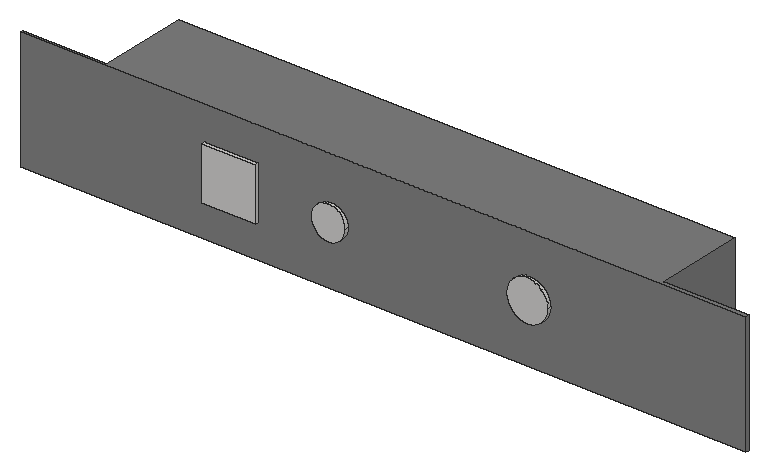
Revit family "CBR_4900", category Generic Models, Revit 2021
Family settings
  Can host rebar = No
  Round Connector Dimension = Use Diameter
  Part Type = Normal
  Work Plane-Based = No
  Always vertical = Yes
  Cut with Voids When Loaded = No
  Shared = No
  Room Calculation Point = No
Parameters
  e-mail = "info@vola.com"
  URL = "http://vola.com"
  Telephone = "+45 7023 5500"
  Quality management standard = "ISO 9001"
  Organisation no. / DUNS no. = "17531328"
  Occupational health and safety management standard = "ISO 18001"
  Mounting Instructions = ""
  Model = "4900"
  Materials and components information = ""
  Manufacturer = "VOLA A/S"
  Maintenance Instructions = ""
  Guarantee = "2 years"
  Flow = "43,00 l/min"
  Environmental management standard = "ISO 14000"
  Default Elevation = 0.00 mm
  Connection - All relevant connections = ""
  Approvals = ""
Reference planes
  plane 1 "Center (Front/Back)": y = 0
  plane 2: z = 0
  plane 3 "Center (Left/Right)": x = 0
  plane 4 "Inlet Center Plane": y = -29
  plane 5: z = 65
Forms (mm)
  Extrusion 1, solid, material "Default"
    sketch origin (10, 0, -4) x (1, 0, 0) y (0, 1, 0)
      loop
        line (-148, 0) -> (-148, -70) -> (288, -70) -> (288, 0) -> (-148, 0)
    from 21.5 to 116.5
  Extrusion 2, solid, material "Default"
    sketch origin (10, -2, -4) x (1, 0, 0) y (0, 1, 0)
      loop
        line (-214.5, -68) -> (-214.5, -70) -> (354.5, -70) -> (354.5, -68) -> (-214.5, -68)
    from 21.5 to 116.5
  Extrusion 3, solid, material "Stainless Steel"
    sketch origin (-54, -4, 17.5) x (0, 1, 0) y (1, 0, 0)
      loop
        circle (-25, -12) r 9.5
    from 0 to 17.5
  Extrusion 4, solid, material "Stainless Steel"
    sketch origin (0, -4, 17.5) x (0, 1, 0) y (1, 0, 0)
      loop
        circle (-25, -12) r 9.5
    from 0 to 17.5
  Extrusion 5, solid, material "Stainless Steel"
    sketch origin (-51.5, -72, -4) x (-1, 0, 0) y (0, 0, -1)
      loop
        line (8.5, -90) -> (8.5, -48) -> (-33.5, -48) -> (-33.5, -90) -> (8.5, -90)
    from 0 to 2.5
  Extrusion 6, solid, material "Stainless Steel"
    sketch origin (26.5, -72, -4) x (-1, 0, 0) y (0, 0, -1)
      loop
        circle (-12.5, -69) r 13.2
    from 0 to 2.5
  Extrusion 7, solid, material "Stainless Steel"
    sketch origin (143.5, -72, -4) x (-1, 0, 0) y (0, 0, -1)
      loop
        circle (-51.5, -69) r 16
    from 0 to 2.5
Cuts and joins
  joined: Extrusion 1, Extrusion 2
Lines and regions (mm)
  reference lines
    curve 1: line (195, -29, 65) -> (195, -121.5, 65)
    curve 2: line (39, -29, 65) -> (39, -121.5, 65)
    curve 3: line (-39, -29, 65) -> (-39, -121.5, 65)
    curve 4: line (-66, -29, 65) -> (-66, -29, -34)
    curve 5: line (-12, -29, 65) -> (-12, -29, -34)
Dimensions and locks
  aligned and locked: plane 2 to level
  aligned and locked: Extrusion 1 to Extrusion 2
  aligned and locked: Extrusion 2 to Extrusion 1
